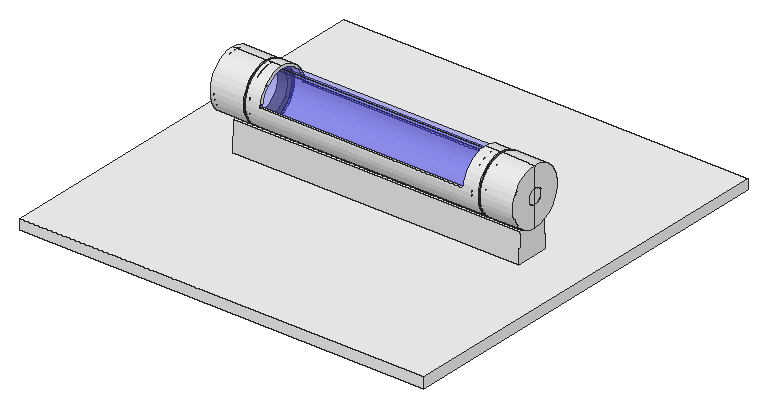
Revit family "BE_23080.1_de_DE", category Leuchten, Revit 2015
Parameters (values of type "BEGA_23080.1_K4")
  built-in parameter 1150104 = 11.548 (stored number, unit not read)
  Wattage = 7.4 W
  Default Elevation = 0 mm
  built-in parameter 1150113 = 1 (stored number, unit not read)
  built-in parameter 1114218 = 1 (stored number, unit not read)
  Umgebungstemperatur = "25 °C"
  URL = "http://www.bega.de/produkt/23080.1"
  Typenkommentare = "© 2017 BEGA. Wir behalten uns das Recht vor, technische Änderungen ohne vorherige Ankündigung vorzunehmen."  # constant formula
  built-in parameter 1150134 = 12
  built-in parameter 1150109 = 1 (stored number, unit not read)
  Strom = ""
  built-in parameter 1150110 = 1 (stored number, unit not read)
  Spannung = 239.996 V
  Sonderanfertigung = no
  Seriennummer [instance] = "Hier können Sie die eindeutige Seriennummer für das Facility Management eintragen."
  Schutzklasse = "I"
  Schutzart = "IP 20"
  Scheinlast = 0 VA
  Produktdatenblatt = "http://www.bega.de/download/Xrfa/db/23080.1.db.de.pdf"
  Oberflächentemperatur = ""
  Neigungswinkel = 0.00°
  Modell = "23080.1K4"
  Material_18 = BEGA_Gummi_schwarz
  Material_17 = BEGA_Reflektor
  Material_15 = BEGA_Leuchtmedium_matt
  Material_11 = BEGA_Glas_opal
  Material_09 = BEGA_Glas_klar
  Material_06 = BEGA_Oberfläche_Edelstahl_gebürstet
  Material_05 = BEGA_Oberfläche_Aluminium Guss
  Material_04 = BEGA_Kunststoff_Grafit_matt
  Material_03 = BEGA_Oberfläche_Weiss_matt
  Material_02 = BEGA_Oberfläche_Silber_matt
  Material_01 [instance] = BEGA_Oberfläche_Grafit_matt
  M_W = no
  M_G = no
  M_A = no
  Logo = 0
  built-in parameter 1114217 = 1 (stored number, unit not read)
  built-in parameter 1150139 = (empty or 0)
  built-in parameter 1150105 = 73.197 (stored number, unit not read)
  built-in parameter 1150114 = 1 (stored number, unit not read)
  Lumens = 919.82 lm
  built-in parameter 1150115 = 1 (stored number, unit not read)
  Leuchtenlichtstrom = "638 lm"
  Leuchtenanzahl = ""
  Lebensdauerkriterien = "L70B50 @ 25 °C = 78000 h"
  Lastklassifizierung = Beleuchtung
  built-in parameter 1150112 = 1 (stored number, unit not read)
  Lampenlichtstrom = "920 lm"
  Lampe = "LED 7.4 W"
  LED_Modulbezeichnung = "LED-0345/840"
  Hersteller = "BEGA"  # constant formula
  Halbstreuwinkel = ""
  Gewicht = "0.8 kg"
  Gebrauchslageneinschränkung [instance] = ""
  Frequenz = "0/50-60 Hz"
  Farbwiedergabeindex = "Ra > 80"
  Farbtemperaturverschiebung bei Dämpfen der Lampe = <Keine Auswahl>
  Farbtemperatur = "4000 K"
  Color Filter = 16777215
  built-in parameter 1150133 = 10 (stored number, unit not read)
  Energieeffizienzklasse = "LED A++ - A"
  built-in parameter 1150137 = (empty or 0)
  built-in parameter 1150132 = (empty or 0)
  ENEC = ""
  Dimmbar [instance] = ""
  Datei für fotometrisches Netz = "BE_23080K4.IES"
  CE_Konformität = "ja"
  Bestellnummer = "23080.1K4"
  Beschreibung_Sonderanfertigung = "Hier können Sie Informationen zur Sonderanfertigung eintragen."
  Beschreibung = "Wandleuchte"
  built-in parameter 1150106 = 0.73197 (stored number, unit not read)
  Befestigungsbohrung = "Ø 4,5 mm"
  Befestigungsabstand = "220,5 mm"
  Ballwurfsicher = ""
  BEGA_Intern_aus = yes
  BEGA_Intern_an = yes
  BEGA_Intern_Konstruktion = yes
  BEGA_Intern = yes
  BEGA_IES = yes
  BEGA_Dummy = no
  Anschlussleitung = ""
  Anschlussleistung [instance] = "9.2 W"
  Anschlusskasten = ""
  built-in parameter 1150107 = 4000 (stored number, unit not read)
  built-in parameter 1150102 = (empty or 0)
  built-in parameter 1150138 = (empty or 0)
  Aktualisierung = "2017-06-21T04:08:37"
  Abstand_zur_angestrahlten_Fläche [instance] = ""
  AC/DC = "AC/DC"
Types (2, lengths in mm): name | built-in parameter 1150104 | built-in parameter 1150134 | Modell | built-in parameter 1150105 | Lumens | Leuchtenlichtstrom | Lampenlichtstrom | LED_Modulbezeichnung | Farbtemperatur | Datei für fotometrisches Netz | Bestellnummer | built-in parameter 1150106 | built-in parameter 1150107
  BEGA_23080.1_K4 | 11.548 (stored number, unit not read) | 12 | "23080.1K4" | 73.197 (stored number, unit not read) | 919.82 lm | "638 lm" | "920 lm" | "LED-0345/840" | "4000 K" | "BE_23080K4.IES" | "23080.1K4" | 0.73197 (stored number, unit not read) | 4000 (stored number, unit not read)
  BEGA_23080.1_K3 | 10.796 (stored number, unit not read) | (empty or 0) | "23080.1" | 68.433 (stored number, unit not read) | 859.954 lm | "600 lm" | "860 lm" | "LED-0345/830" | "3000 K" | "BE_23080.IES" | "23080.1" | 0.68433 (stored number, unit not read) | 3000 (stored number, unit not read)
Reference planes
  plane 1 "Mitte (Vorne/Hinten)": y = 0
  plane 2: z = 0
  plane 3 "Mitte (Links/Rechts)": x = 0
  plane 4 "Links": x = -149.5
  plane 5 "Rechts": x = 149.5
  plane 6 "Unten": y = -27.5
  plane 7 "Oben": y = 27.5
  plane 8 "Vorne": z = 82.031
  plane 9 "Hinten": z = 0
Forms (mm)
  Extrusion 1, solid, material "BEGA_Platte_Weiss"
    sketch origin (0, -1119.2, 0) x (1, 0, 0) y (0, 1, 0)
      loop
        line (-200, 1319.2) -> (-200, 919.2) -> (200, 919.2) -> (200, 1319.2) -> (-200, 1319.2)
    from 0 to -10
  Extrusion 2, solid, material "BEGA_Dummy_matt", visible <- "BEGA_Dummy"
    sketch origin (80.095, -76.023, 0) x (1, 0, 0) y (0, 1, 0)
      loop
        line (-229.595, 103.523) -> (-229.595, 48.523) -> (69.405, 48.523) -> (69.405, 103.523) -> (-229.595, 103.523)
    from 0 to 82.031
Dimensions and locks
  plane 1 "Mitte (Vorne/Hinten)" to Extrusion 1 = 200 mm
  aligned and locked: plane 2 to Extrusion 1
  aligned and locked: level to Extrusion 1
Nested families
  nested 1: "BE_23080.1" at (0, 0, 0), type "BE_23080.1"
Connectors
  electrical at (0, 0, 0), driven by "Lastklassifizierung", driven by "Spannung", driven by "Scheinlast"
    settings: index 1, voltage 239.996 V, apparent load 0 VA, apparent load phase1 0 VA, apparent load phase2 0 VA, apparent load phase3 0 VA, power factor 1, load classification "Beleuchtung", number of poles 1, system type 31, power factor state 1, is connector primary yes, connector utility no, sub classification motor no, connector description ""
Definition of nested family "BE_23080.1"
  Parameters (values of type "BE_23080.1")
    Default Elevation = 1 mm
    URL = "http://www.bega.de/de/produkt"
    Type Comments = "© 2015 BEGA. Wir behalten uns das Recht vor, technische Änderungen ohne vorherige Ankündigung vorzunehmen. "  # constant formula
    Type Image = (empty or 0)
    Neigungswinkel_um_Z2 = 0.00°
    Neigungswinkel_um_Z1 = 0.00°
    Neigungswinkel_um_Y2 = 0.00°
    Neigungswinkel_um_Y1 = 0.00°
    Neigungswinkel_um_X2 = 0.00°
    Neigungswinkel_um_X1 = 0.00°
    Material_18 = none
    Material_17 = none
    Material_15 = none
    Material_11 = none
    Material_09 = none
    Material_06 = none
    Material_05 = none
    Material_04 = none
    Material_03 = none
    Material_02 = none
    Material_01 = none
    M_W = yes
    M_G = yes
    M_A = yes
    Länge_Platte = 500 mm  # constant formula
    Höhe_Platte = -10 mm  # constant formula
    Manufacturer = "BEGA"  # constant formula
    Drehwinkel_um_Z2 = 0.00°
    Drehwinkel_um_Z1 = 0.00°
    Breite_Platte = 200 mm  # constant formula
  Reference planes
    plane 1 "Mitte (Oben/Unten)": y = 0
    plane 2: z = 0
    plane 3 "Mitte (Links/Rechts)": x = 0
    plane 4 "Vorne": z = 82.031
    plane 5: x = 149.5
    plane 6: x = -149.5
    plane 7: y = 27.5
    plane 8: y = -27.5
  Forms (mm)
    Extrusion 1, solid, detail levels medium
      sketch origin (0, 0, 0) x (1, 0, 0) y (0, 1, 0)
        loop
          line (-250, 100) -> (-250, -100) -> (250, -100) -> (250, 100) -> (-250, 100)
      from 0 to -10 <- "Höhe_Platte"
    Revolve 2, solid, material <- "Material_03", detail levels medium+fine
      sketch origin (-301.397, 0, -424.763) x (1, 0, 0) y (0, 0, 1)
        loop
          line (151.897, 506.794) -> (151.897, 479.294) -> (153.897, 479.294) -> (153.897, 504.494)
          arc (153.897, 504.494) -> (154.065, 504.984) -> (154.499, 505.269) r 0.8
          line (154.499, 505.269) -> (184.897, 505.269) -> (184.897, 506.794) -> (151.897, 506.794)
        axis (151.897, 479.294) -> (184.897, 479.294)
      angle from 0 to 360
    Revolve 3, solid, material <- "Material_03", detail levels medium+fine
      sketch origin (-296.41, 0, -424.763) x (1, 0, 0) y (0, 0, 1)
        loop
          line (411.91, 506.794) -> (180.91, 506.794) -> (180.91, 505.894) -> (187.91, 505.894) -> (187.91, 504.794) -> (404.91, 504.794) -> (404.91, 505.894) -> (411.91, 505.894) -> (411.91, 506.794)
        axis (180.91, 479.294) -> (411.91, 479.294)
      angle from 0 to 360
    Extrusion 4, void
      sketch origin (-296.41, 0, -424.763) x (1, 0, 0) y (0, 0, 1)
        loop
          line (195.91, 481.794) -> (396.91, 481.794) -> (396.91, 508.598) -> (195.91, 508.598) -> (195.91, 481.794)
      from -31.307 to 33.537
    Extrusion 5, solid, material <- "Material_03", detail levels medium+fine
      sketch origin (0, 0, 0) x (0, 1, 0) y (0, 0, 1)
        loop
          line (-13.5, 30) -> (-15.001, 28.499) -> (-15.996, 0) -> (-14.001, 0) -> (-13.04, 27.513)
          arc (-13.04, 27.513) -> (-11.817, 26.956) -> (-10.57, 26.454) r 30
          line (-10.57, 26.454) -> (-10, 21.031) -> (10, 21.031) -> (10.57, 26.454)
          arc (10.57, 26.454) -> (11.817, 26.956) -> (13.04, 27.513) r 30
          line (13.04, 27.513) -> (14.001, 0) -> (15.996, 0) -> (15.001, 28.499) -> (13.5, 30)
          arc (13.5, 30) -> (11.056, 28.806) -> (8.507, 27.854) r 28
          line (8.507, 27.854) -> (8, 23.031) -> (-8, 23.031) -> (-8.507, 27.854)
          arc (-8.507, 27.854) -> (-11.056, 28.806) -> (-13.5, 30) r 28
      from -136.067 to 146.035
    Extrusion 6, solid, material <- "Material_03", detail levels medium+fine
      sketch origin (0, 0, 0) x (0, 1, 0) y (0, 0, 1)
        loop
          line (-15.001, 28.499) -> (-15.996, 0) -> (15.996, 0) -> (15.001, 28.499) -> (13.5, 30)
          arc (13.5, 30) -> (0, 26.531) -> (-13.5, 30) r 28
          line (-13.5, 30) -> (-15.001, 28.499)
      from 143.583 to 146.035
    Extrusion 7, solid, material <- "Material_03", detail levels medium+fine
      sketch origin (9.974, 0, 0) x (0, 1, 0) y (0, 0, -1)
        loop
          line (-15.001, -28.499) -> (-13.5, -30)
          arc (-13.5, -30) -> (0, -26.531) -> (13.5, -30) r 28
          line (13.5, -30) -> (15.001, -28.499) -> (15.996, 0) -> (-15.996, 0) -> (-15.001, -28.499)
      from 143.583 to 146.041
    Revolve 8, solid, material <- "Material_18", detail levels medium+fine
      sketch origin (0, 0, 0) x (1, 0, 0) y (0, 0, 1)
        loop
          line (-115.5, 82.031) -> (-116.5, 82.031) -> (-116.5, 80.506) -> (-121.5, 80.506) -> (-121.5, 75.031) -> (-111.5, 75.031) -> (-111.5, 81.131) -> (-115.5, 81.131) -> (-115.5, 82.031)
        axis (-121.5, 54.531) -> (-111.5, 54.531)
      angle from 0 to 360
    Revolve 9, solid, material <- "Material_03", detail levels medium+fine
      sketch origin (301.397, 0, -424.763) x (-1, 0, 0) y (0, 0, 1)
        loop
          line (151.897, 506.794) -> (151.897, 479.294) -> (153.897, 479.294) -> (153.897, 504.494)
          arc (153.897, 504.494) -> (154.065, 504.984) -> (154.499, 505.269) r 0.8
          line (154.499, 505.269) -> (184.897, 505.269) -> (184.897, 506.794) -> (151.897, 506.794)
        axis (151.897, 479.294) -> (184.897, 479.294)
      angle from 0 to 360
    Revolve 10, solid, material <- "Material_18", detail levels medium+fine
      sketch origin (0, 0, 0) x (-1, 0, 0) y (0, 0, 1)
        loop
          line (-115.5, 82.031) -> (-116.5, 82.031) -> (-116.5, 80.506) -> (-121.5, 80.506) -> (-121.5, 75.031) -> (-111.5, 75.031) -> (-111.5, 81.131) -> (-115.5, 81.131) -> (-115.5, 82.031)
        axis (-121.5, 54.531) -> (-111.5, 54.531)
      angle from 0 to 360
    Revolve 11, solid, material <- "Material_11", detail levels medium+fine
      sketch origin (0, 0, 0) x (1, 0, 0) y (0, 0, 1)
        loop
          line (-108.5, 79.503) -> (-108.5, 76.531) -> (110.5, 76.531) -> (110.5, 79.503) -> (-108.5, 79.503)
        axis (-108.5, 54.531) -> (110.5, 54.531)
      angle from 0 to 360
    Revolve 12, solid, material <- "Material_04", detail levels medium+fine
      sketch origin (0, 0, 0) x (1, 0, 0) y (0, 0, 1)
        loop
          spline (-151.339, 61.706) -> (-151.44, 61.505) -> (-151.537, 61.211) -> (-151.629, 60.827) -> (-151.715, 60.359) -> (-151.794, 59.814) -> (-151.865, 59.198) -> (-151.926, 58.519) -> (-151.978, 57.787) -> (-152.019, 57.012) -> (-152.048, 56.203) -> (-152.066, 55.373) -> (-152.072, 54.531)
          line (-152.072, 54.531) -> (-148.332, 54.531) -> (-148.332, 64.481) -> (-149.5, 64.481)
          arc (-149.5, 64.481) -> (-150.207, 64.188) -> (-150.5, 63.481) r 1
          line (-150.5, 63.481) -> (-150.5, 61.862) -> (-151.339, 61.706)
        axis (-152.072, 54.531) -> (-148.332, 54.531)
      angle from 0 to 360
    Extrusion 13, void
      sketch origin (0, 0, 0) x (1, 0, 0) y (0, 1, 0)
        loop
          line (-107.397, -0.25) -> (-107.397, 7.75)
          arc (-107.397, 7.75) -> (-110, 10.353) -> (-112.603, 7.75) r 2.603
          line (-112.603, 7.75) -> (-112.603, -0.25)
          arc (-112.603, -0.25) -> (-110, -2.853) -> (-107.397, -0.25) r 2.603
        loop
          line (114.5, -4.147) -> (106.501, -4.147)
          arc (106.501, -4.147) -> (103.899, -6.75) -> (106.501, -9.353) r 2.603
          line (106.501, -9.353) -> (114.5, -9.353)
          arc (114.5, -9.353) -> (117.103, -6.75) -> (114.5, -4.147) r 2.603
      from 0 to 38.894
    Revolve 14, void
      sketch origin (0, 0, 0) x (1, 0, 0) y (0, 0, 1)
        loop
          line (148.3, 62.381) -> (148.3, 54.531) -> (150.176, 54.531) -> (150.176, 62.381) -> (148.3, 62.381)
        axis (150.176, 54.531) -> (148.3, 54.531)
      angle from 0 to 360
    Revolve 15, solid, material <- "Material_03", detail levels medium+fine
      sketch origin (0, 0, 0) x (1, 0, 0) y (0, 0, 1)
        loop
          line (148.3, 61.931) -> (148.3, 54.531) -> (149.3, 54.531) -> (149.3, 61.931) -> (148.3, 61.931)
        axis (148.3, 54.531) -> (149.3, 54.531)
      angle from 0 to 360
  Cuts and joins
    Extrusion 4 cuts Revolve 3
    Extrusion 13 cuts Extrusion 5
    Extrusion 13 cuts Extrusion 6
    Extrusion 13 cuts Extrusion 7
    joined: Extrusion 5, Extrusion 6, Extrusion 7
    Extrusion 13, Revolve 14 cuts Revolve 9
    Extrusion 13 cuts Revolve 10
    Extrusion 13 cuts Revolve 11
  Dimensions and locks
    equal spacing: Extrusion 1 sketch curve, plane 3 "Mitte (Links/Rechts)", Extrusion 1 sketch curve
    equal spacing: Extrusion 1 sketch curve, plane 1 "Mitte (Oben/Unten)", Extrusion 1 sketch curve
    "Länge_Platte": Extrusion 1 sketch curve to Extrusion 1 sketch curve
    "Breite_Platte": Extrusion 1 sketch curve to Extrusion 1 sketch curve
    aligned and locked: Extrusion 1 to plane 2
    aligned and locked: level to Extrusion 1
  Automatic sketch dimensions
    Revolve 2 sketch curve to Revolve 2 sketch curve = 2 mm
    Revolve 2 sketch curve to Revolve 2 sketch curve = 0.602 mm
    Revolve 2 sketch curve to Revolve 2 sketch curve = 0.8 mm
    Revolve 2 sketch curve to Revolve 2 sketch curve = 30.2 mm
    level to Revolve 2 sketch curve = 54.531 mm
    Revolve 2 sketch curve to Revolve 2 sketch curve = 25.2 mm
    Revolve 2 sketch curve to Revolve 2 sketch curve = 1.525 mm
    Revolve 2 sketch curve to Revolve 2 sketch curve = 0 mm  (x2)
    Revolve 2 sketch curve to Revolve 2 sketch curve = 8 mm
    Revolve 3 sketch curve to Revolve 3 sketch curve = 7 mm  (x2)
    level to Revolve 3 sketch curve = 80.031 mm
    Revolve 3 sketch curve to Revolve 3 sketch curve = 1.1 mm  (x2)
    Revolve 3 sketch curve to Revolve 3 sketch curve = 0.9 mm
    Revolve 3 sketch curve to Revolve 3 sketch curve = 33.585 mm
    Revolve 3 sketch curve to Revolve 3 sketch curve = 1.013 mm
    Revolve 3 sketch curve to Revolve 3 sketch curve = 25.5 mm
    level to Extrusion 4 sketch curve = 57.031 mm
    Extrusion 4 sketch curve to Extrusion 4 sketch curve = 26.804 mm
    Extrusion 5 sketch curve to Extrusion 5 sketch curve = 0 mm  (x12)
    Extrusion 5 sketch curve to level = 0 mm  (x2)
    Extrusion 5 sketch curve to plane 1 "Mitte (Oben/Unten)" = 0 mm
    plane 1 "Mitte (Oben/Unten)" to Extrusion 5 sketch curve = 8 mm
    Extrusion 5 sketch curve to Extrusion 5 sketch curve = 0.507 mm  (x2)
    Extrusion 5 sketch curve to Extrusion 5 sketch curve = 2 mm  (x3)
    Extrusion 5 sketch curve to Extrusion 5 sketch curve = 2.063 mm  (x2)
    Extrusion 5 sketch curve to Extrusion 5 sketch curve = 2.47 mm  (x2)
    Extrusion 5 sketch curve to Extrusion 5 sketch curve = 0.46 mm  (x2)
    plane 1 "Mitte (Oben/Unten)" to Extrusion 5 sketch curve = 14.001 mm
    Extrusion 5 sketch curve to Extrusion 5 sketch curve = 1.501 mm  (x4)
    Extrusion 5 sketch curve to Extrusion 5 sketch curve = 1.995 mm  (x2)
    Extrusion 5 sketch curve to plane 1 "Mitte (Oben/Unten)" = 8 mm
    Extrusion 5 sketch curve to plane 1 "Mitte (Oben/Unten)" = 14.001 mm
    level to Extrusion 5 sketch curve = 21.031 mm
    Extrusion 5 sketch curve to Extrusion 5 sketch curve = 3.423 mm  (x2)
    Extrusion 5 sketch curve to Extrusion 5 sketch curve = 1.058 mm
    Extrusion 5 sketch curve to Extrusion 5 sketch curve = 1.4 mm  (x2)
    Extrusion 6 sketch curve to level = 0 mm
    Extrusion 6 sketch curve to plane 1 "Mitte (Oben/Unten)" = 0 mm
    plane 1 "Mitte (Oben/Unten)" to Extrusion 6 sketch curve = 13.5 mm
    Extrusion 6 sketch curve to Extrusion 6 sketch curve = 1.501 mm  (x3)
    plane 1 "Mitte (Oben/Unten)" to Extrusion 6 sketch curve = 15.996 mm
    Extrusion 6 sketch curve to plane 1 "Mitte (Oben/Unten)" = 13.5 mm
    Extrusion 6 sketch curve to plane 1 "Mitte (Oben/Unten)" = 15.996 mm
    level to Extrusion 6 sketch curve = 28.499 mm  (x2)
    Extrusion 6 sketch curve to Extrusion 6 sketch curve = 24.531 mm
    Extrusion 7 sketch curve to level = 0 mm
    Extrusion 7 sketch curve to plane 1 "Mitte (Oben/Unten)" = 0 mm
    plane 1 "Mitte (Oben/Unten)" to Extrusion 7 sketch curve = 13.5 mm
    Extrusion 7 sketch curve to Extrusion 7 sketch curve = 1.501 mm  (x3)
    plane 1 "Mitte (Oben/Unten)" to Extrusion 7 sketch curve = 15.996 mm
    Extrusion 7 sketch curve to plane 1 "Mitte (Oben/Unten)" = 13.5 mm
    Extrusion 7 sketch curve to plane 1 "Mitte (Oben/Unten)" = 15.996 mm
    level to Extrusion 7 sketch curve = 28.499 mm  (x2)
    Extrusion 7 sketch curve to Extrusion 7 sketch curve = 24.531 mm
    Revolve 8 sketch curve to Revolve 8 sketch curve = 5 mm
    Revolve 8 sketch curve to Revolve 8 sketch curve = 1 mm
    Revolve 8 sketch curve to Revolve 8 sketch curve = 4 mm
    level to Revolve 8 sketch curve = 75.031 mm
    Revolve 8 sketch curve to Revolve 8 sketch curve = 5.475 mm
    Revolve 8 sketch curve to Revolve 8 sketch curve = 0.625 mm
    Revolve 8 sketch curve to Revolve 8 sketch curve = 0.9 mm
    Revolve 8 sketch curve to Revolve 8 sketch curve = 27.585 mm
    Revolve 8 sketch curve to Revolve 8 sketch curve = 1.987 mm
    Revolve 8 sketch curve to Revolve 8 sketch curve = 20.5 mm
    Revolve 9 sketch curve to Revolve 9 sketch curve = 2 mm
    Revolve 9 sketch curve to Revolve 9 sketch curve = 0.602 mm
    Revolve 9 sketch curve to Revolve 9 sketch curve = 0.8 mm
    Revolve 9 sketch curve to Revolve 9 sketch curve = 30.2 mm
    Revolve 9 sketch curve to level = 54.531 mm
    Revolve 9 sketch curve to Revolve 9 sketch curve = 25.2 mm
    Revolve 9 sketch curve to Revolve 9 sketch curve = 1.525 mm
    Revolve 9 sketch curve to Revolve 9 sketch curve = 0 mm  (x2)
    Revolve 9 sketch curve to Revolve 9 sketch curve = 8 mm
    Revolve 10 sketch curve to Revolve 10 sketch curve = 5 mm
    Revolve 10 sketch curve to Revolve 10 sketch curve = 1 mm
    Revolve 10 sketch curve to Revolve 10 sketch curve = 4 mm
    Revolve 10 sketch curve to level = 75.031 mm
    Revolve 10 sketch curve to Revolve 10 sketch curve = 5.475 mm
    Revolve 10 sketch curve to Revolve 10 sketch curve = 0.625 mm
    Revolve 10 sketch curve to Revolve 10 sketch curve = 0.9 mm
    Revolve 10 sketch curve to Revolve 10 sketch curve = 27.585 mm
    Revolve 10 sketch curve to Revolve 10 sketch curve = 1.987 mm
    Revolve 10 sketch curve to Revolve 10 sketch curve = 20.5 mm
    level to Revolve 11 sketch curve = 76.531 mm
    Revolve 11 sketch curve to Revolve 11 sketch curve = 2.972 mm
    Revolve 11 sketch curve to Revolve 11 sketch curve = 30 mm
    Revolve 11 sketch curve to Revolve 11 sketch curve = 42.566 mm
    Revolve 11 sketch curve to Revolve 11 sketch curve = 22 mm
    Extrusion 13 sketch curve to Extrusion 13 sketch curve = 2.603 mm  (x5)
    Extrusion 13 sketch curve to Extrusion 13 sketch curve = 7.999 mm
    Extrusion 13 sketch curve to Extrusion 13 sketch curve = 8 mm
    Extrusion 13 sketch curve to Extrusion 13 sketch curve = 0 mm  (x6)
    Revolve 14 sketch curve to Revolve 14 sketch curve = 1.876 mm
    level to Revolve 14 sketch curve = 54.531 mm
    Revolve 14 sketch curve to Revolve 14 sketch curve = 7.85 mm
    Revolve 14 sketch curve to Revolve 14 sketch curve = 4.3 mm
    Revolve 14 sketch curve to Revolve 14 sketch curve = 1.324 mm
    Revolve 14 sketch curve to Revolve 14 sketch curve = 0 mm
    Revolve 15 sketch curve to Revolve 15 sketch curve = 1 mm
    level to Revolve 15 sketch curve = 54.531 mm
    Revolve 15 sketch curve to Revolve 15 sketch curve = 7.4 mm
    Revolve 15 sketch curve to Revolve 15 sketch curve = 3 mm
    Revolve 15 sketch curve to Revolve 15 sketch curve = 0.511 mm
    Revolve 15 sketch curve to Revolve 15 sketch curve = 0 mm
    Revolve 12 sketch curve to Revolve 12 sketch curve = 0.733 mm
    Revolve 12 sketch curve to Revolve 12 sketch curve = 7.176 mm
    Revolve 12 sketch curve to Revolve 12 sketch curve = 2.774 mm
    Revolve 12 sketch curve to Revolve 12 sketch curve = 0.896 mm
    Revolve 12 sketch curve to Revolve 12 sketch curve = 0.525 mm
    Revolve 12 sketch curve to Revolve 12 sketch curve = 0.368 mm
    Revolve 12 sketch curve to Revolve 12 sketch curve = 0 mm  (x2)
    Revolve 12 sketch curve to Revolve 12 sketch curve = 1.168 mm
    Revolve 12 sketch curve to Revolve 12 sketch curve = 0.034 mm
    Revolve 12 sketch curve to Revolve 12 sketch curve = 0.676 mm
    Revolve 12 sketch curve to Revolve 12 sketch curve = 1 mm
    level to Revolve 12 sketch curve = 54.531 mm
    plane 6 to Revolve 2 sketch curve = 0 mm
    Revolve 3 sketch curve to plane 6 = 41 mm
    Extrusion 4 sketch curve to plane 6 = 49 mm
    Revolve 8 sketch curve to plane 6 = 28 mm
    Revolve 11 sketch curve to plane 6 = 41 mm
    plane 6 to Revolve 12 sketch curve = 0 mm
    Extrusion 13 sketch curve to plane 6 = 42.103 mm
    plane 5 to Revolve 3 sketch curve = 41 mm
    plane 5 to Extrusion 4 sketch curve = 49 mm
    plane 5 to Revolve 9 sketch curve = 0 mm
    Revolve 10 sketch curve to plane 5 = 28 mm
    plane 5 to Revolve 11 sketch curve = 39 mm
    plane 5 to Extrusion 13 sketch curve = 42.999 mm
    plane 5 to Revolve 14 sketch curve = 1.2 mm
    plane 5 to Revolve 15 sketch curve = 1.2 mm
    plane 1 "Mitte (Oben/Unten)" to Extrusion 13 sketch curve = 9.353 mm
    plane 1 "Mitte (Oben/Unten)" to Extrusion 13 sketch curve = 0.25 mm
